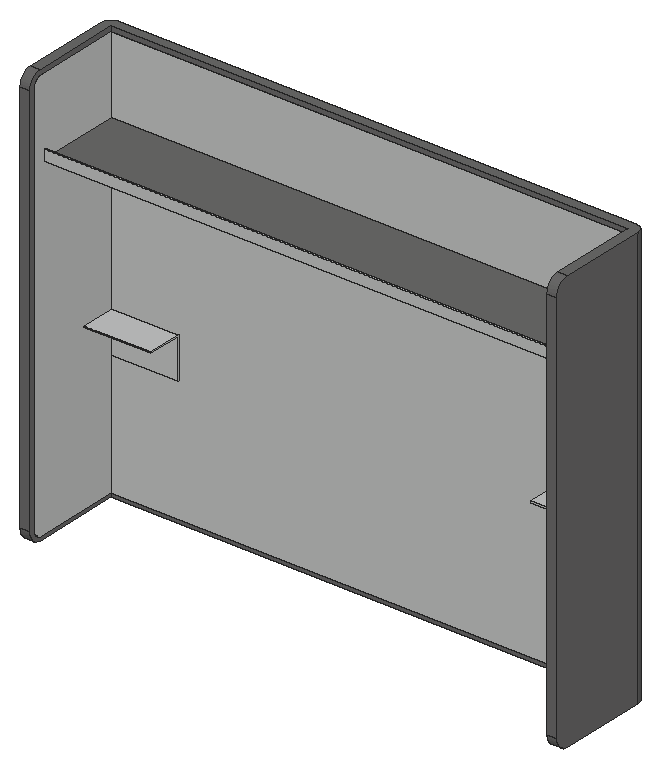
Revit family "Screens-Teknion-JNSELE_Felt_End_Screen-R2018", category Furniture, Revit 2018
Family settings
  OmniClass Number = 23.40.20.00
  OmniClass Title = General Furniture and Specialties
  Work Plane-Based = No
  Always vertical = Yes
  Cut with Voids When Loaded = No
  Shared = Yes
  Room Calculation Point = No
Parameters (values of type "Height-Adjustable Table Mounting Style")
  Width [instance] = 29.000"
  Warranty = "http://www.teknion.com/ca/papers/legal-canada"
  Unit Weight URL = "http://www.teknion.com/ca/tools/assets#&asset=bee6a381-b954-425e-8283-5a2de3a804f2,f828d448-4b62-4231-9e5f-9a8991c0ed77"
  URL = "www.teknion.com"
  To render please download texture images found here [instance] = "https://assets.teknion.com/web/5e81352c1dfdb467/revit-material-swatches/"
  Sustainability Data = "https://www.teknion.com/ca/tools/assets#&topic=216f99a5-57a0-44fc-b10a-9dee9b29ae4c&asset=444deb64-fe58-4b68-981e-f75e97781df7,b4ff2d81-9f2e-437d-9659-7cffb09c31cf"
  Series = "Expansion Cityline"  # constant formula
  Right Extra Bracket [instance] = if(and(Width = 30.000", Angled Leg on the Right), 1 < 2, 1 > 2)  # no
  Product Page URL = "https://www.teknion.com/ca/products/product-details?productlineid=9ad2a26e-8e7a-673b-a6c8-ff05004460c4"
  Product Line = "Expansion Cityline"  # constant formula
  Product Documentation Link = "https://www.teknion.com/pricing/expansion-cityline/pdfs/jnsele_ppg.pdf"
  Part Number = "JNSELE"  # constant formula
  Model = "JNSELEH1842__R"
  Manufacturer Phone = "416-661-3370"  # constant formula
  Manufacturer Fax = "416.661.4586"  # constant formula
  Manufacturer Contact Information = "http://www.teknion.com/ca/contactus"
  Manufacturer Address = "1150 Flint Road, Toronto, ON. M3J 2J5. Canada"  # constant formula
  Manufacturer = "Teknion"  # constant formula
  Left Extra Bracket [instance] = if(and(Width = 30.000", Angled Leg on the Left), 1 < 2, 1 > 2)  # no
  Inside Finish [instance] = Paint - Teknion - Mica - Platinum
  How To Use Teknion Materials User Guide [instance] = "https://assets.teknion.com/m/205dd0a49fa58060/original/How-to-add-a-Material-Library-and-Texture-Images-to-your-Revit-project.pdf"
  Height Adjustable Table = yes
  For Additional Finishes please visit [instance] = "https://assets.teknion.com/m/44a8009b046e5d47/original/Teknion_Materials_Library.zip"
  Felt Finish [instance] = Fabric-Teknion-RB11-Carbon
  Description = "Felt End Screen, Height-Adjustable Table Mounting Style, 18\" Modesty Base Height from Floor, 42\" Datum Height, Radius Corner Detail"
  Center Bracket Visibility [instance] = or(Angled Leg on the Left, Angled Leg on the Right)  # no
  Available Widths [instance] = if(Height Adjustable Table, "Enter 23 or 29 inches below.", "Enter 24 or 30 inches below.")  # "Enter 23 or 29 inches below."
  Assembly Code = "E2020200"
  Angled Leg on the Right = no
  Angled Leg on the Left = no
  Actual Width [instance] = Width + 1.220"  # 30.220"
Types (4): name | Model | Height Adjustable Table | Description | Center Bracket Visibility | Available Widths | Angled Leg on the Right | Angled Leg on the Left
  (no name) | "JNSELEH1842__R" | yes | "Felt End Screen, Height-Adjustable Table Mounting Style, 18\" Modesty Base Height from Floor, 42\" Datum Height, Radius Corner Detail" | no | "Enter 23 or 29 inches below." | no | no
  Height-Adjustable Table Mounting Style | "JNSELEH1842__R" | yes | "Felt End Screen, Height-Adjustable Table Mounting Style, 18\" Modesty Base Height from Floor, 42\" Datum Height, Radius Corner Detail" | no | "Enter 23 or 29 inches below." | no | no
  Angled Leg on Left Side Mounting Style | "JNSELEL1842__R" | no | "Felt End Screen, Angled Leg on Left Side Mounting Style, 18\" Modesty Base Height from Floor, 42\" Datum Height, Radius Corner Detail" | yes | "Enter 24 or 30 inches below." | no | yes
  Angled Leg on Right Side Mounting Style | "JNSELER1842__R" | no | "Felt End Screen, Angled Leg on Right Side Mounting Style, 18\" Modesty Base Height from Floor, 42\" Datum Height, Radius Corner Detail" | yes | "Enter 24 or 30 inches below." | yes | no
Reference planes (in)
  plane 1 "Center Front/Back": y = -0.24752
  plane 2: z = 0
  plane 3 "Center Left/Right": x = -0.02308
  plane 4 "Left": x = -15.13308
  plane 5 "Right": x = 15.08692
  plane 6 "Back": y = 2.87847
  plane 7 "Front": y = -3.3735
  plane 8 "Top": z = 42
  plane 9: y = 2.26823
Forms (in)
  Sweep 1, solid, material "Fabric-Teknion-RB11-Carbon" <- "Felt Finish"
    path origin (0, -0.24752, 0) x (1, 0, 0) y (0, 0, 1)
      loop
        line (-0.02308, 18.25) -> (-0.02308, 42)
    profile origin (-0.02308, -0.24752, 30.125) x (-1, 0, 0) y (0, -1, 0)
      loop
        line (15.11, 3.12598) -> (14.55882, 3.12598) -> (14.55882, -2.5748) -> (-14.55882, -2.5748) -> (-14.55882, 3.12598) -> (-15.11, 3.12598) -> (-15.11, -2.53543)
        arc (-15.11, -2.53543) -> (-14.93703, -2.95302) -> (-14.51945, -3.12598) r 0.59055
        line (-14.51945, -3.12598) -> (14.51945, -3.12598)
        arc (14.51945, -3.12598) -> (14.93703, -2.95302) -> (15.11, -2.53543) r 0.59055
        line (15.11, -2.53543) -> (15.11, 3.12598)
  Sweep 2, void
    path origin (0, 0, 0) x (1, 0, 0) y (0, 1, 0)
      loop
        line (-16.63308, -0.24752) -> (16.58692, -0.24752)
    profile origin (-0.02308, -0.24752, 0) x (0, 1, 0) y (0, 0, 1)
      loop
        line (-3.12598, 19) -> (-3.32598, 19) -> (-3.32598, 18.05) -> (-2.37598, 18.05) -> (-2.37598, 18.25)
        arc (-2.37598, 18.25) -> (-2.90631, 18.46967) -> (-3.12598, 19) r 0.75
      loop
        line (-2.37598, 42) -> (-2.37598, 42.2) -> (-3.32598, 42.2) -> (-3.32598, 41.25) -> (-3.12598, 41.25)
        arc (-3.12598, 41.25) -> (-2.90631, 41.78033) -> (-2.37598, 42) r 0.75
  Sweep 3, solid, material "Paint - Teknion - Mica - Platinum" <- "Inside Finish"
    path origin (0, 0, 0) x (1, 0, 0) y (0, 1, 0)
      loop
        line (-14.52284, -0.24752) -> (14.47668, -0.24752)
    profile origin (-0.02308, -0.24752, 0) x (0, 1, 0) y (0, 0, 1)
      loop
        line (-2.25591, 37.37402) -> (2.51575, 37.37402) -> (2.51575, 37.43307) -> (-2.19685, 37.43307) -> (-2.19685, 37.98425) -> (-2.25591, 37.98425) -> (-2.25591, 37.37402)
  Sweep 4, void
    path origin (0, 0, 0) x (1, 0, 0) y (0, 1, 0)
      loop
        line (-16.38308, -0.24752) -> (16.33692, -0.24752)
    profile origin (-0.02308, -0.24752, 0) x (0, 1, 0) y (0, 0, 1)
      loop
        line (-2.37598, 41.75) -> (-2.37598, 41.95) -> (-3.07598, 41.95) -> (-3.07598, 41.25) -> (-2.87598, 41.25)
        arc (-2.87598, 41.25) -> (-2.72954, 41.60355) -> (-2.37598, 41.75) r 0.5
      loop
        arc (-2.37598, 18.5) -> (-2.72954, 18.64645) -> (-2.87598, 19) r 0.5
        line (-2.87598, 19) -> (-3.07598, 19) -> (-3.07598, 18.3) -> (-2.37598, 18.3) -> (-2.37598, 18.5)
  Sweep 5, solid, material "Fabric-Teknion-RB11-Carbon" <- "Felt Finish"
    path origin (0, -0.24752, 0) x (1, 0, 0) y (0, 0, 1)
      loop
        line (-0.02308, 37.43307) -> (-0.02308, 37.47244)
    profile origin (-0.02308, -0.24752, 37.45276) x (-1, 0, 0) y (0, -1, 0)
      loop
        line (-14.49976, 2.19685) -> (-14.49976, -2.51575) -> (14.49976, -2.51575) -> (14.49976, 2.19685) -> (-14.49976, 2.19685)
  Sweep 6, solid, material "Paint - Teknion - Mica - Platinum" <- "Inside Finish"
    path origin (0, -0.24752, 0) x (1, 0, 0) y (0, 0, 1)
      loop
        line (-0.02308, 18.5) -> (-0.02308, 41.75)
    profile origin (-0.02308, -0.24752, 30.125) x (-1, 0, 0) y (0, -1, 0)
      loop
        line (14.55882, 2.87598) -> (14.49976, 2.87598) -> (14.49976, -2.51575) -> (-14.49976, -2.51575) -> (-14.49976, 2.87598) -> (-14.55882, 2.87598) -> (-14.55882, -2.5748) -> (14.55882, -2.5748) -> (14.55882, 2.87598)
  Sweep 7, solid, material "Paint - Teknion - Mica - Platinum" <- "Inside Finish", visible <- "Angled Leg on the Left"
    path origin (0, 0, 0) x (1, 0, 0) y (0, 1, 0)
      loop
        line (9.34676, 0.93358) -> (10.6066, 0.93358)
    profile origin (9.97668, 0.93358, 0) x (0, 1, 0) y (0, 0, 1)
      loop
        line (1.33465, 22.74016) -> (1.33465, 27.81102) -> (-1.12087, 27.81102) -> (-1.12087, 27.73622) -> (1.25984, 27.73622) -> (1.25984, 22.81496) -> (0, 22.81496) -> (0, 22.74016) -> (1.33465, 22.74016)
  Sweep 8, solid, material "Paint - Teknion - Mica - Platinum" <- "Inside Finish", visible <- "Angled Leg on the Left"
    path origin (-4.5, 0, 0) x (1, 0, 0) y (0, 1, 0)
      loop
        line (9.34676, 0.93358) -> (10.6066, 0.93358)
    profile origin (5.47668, 0.93358, 0) x (0, 1, 0) y (0, 0, 1)
      loop
        line (1.33465, 22.74016) -> (1.33465, 27.81102) -> (-1.12087, 27.81102) -> (-1.12087, 27.73622) -> (1.25984, 27.73622) -> (1.25984, 22.81496) -> (0, 22.81496) -> (0, 22.74016) -> (1.33465, 22.74016)
  Sweep 9, solid, material "Paint - Teknion - Mica - Platinum" <- "Inside Finish", visible <- "Angled Leg on the Left"
    path origin (-10.5, 0, 0) x (1, 0, 0) y (0, 1, 0)
      loop
        line (9.34676, 0.93358) -> (10.6066, 0.93358)
    profile origin (-0.52332, 0.93358, 0) x (0, 1, 0) y (0, 0, 1)
      loop
        line (1.33465, 22.74016) -> (1.33465, 27.81102) -> (-1.12087, 27.81102) -> (-1.12087, 27.73622) -> (1.25984, 27.73622) -> (1.25984, 22.81496) -> (0, 22.81496) -> (0, 22.74016) -> (1.33465, 22.74016)
  Sweep 10, solid, material "Paint - Teknion - Mica - Platinum" <- "Inside Finish", visible <- "Angled Leg on the Left"
    path origin (0, 0, 0) x (1, 0, 0) y (0, 1, 0)
      loop
        line (-13.42048, 1.21508) -> (-14.52284, 1.21508)
    profile origin (-13.97166, 1.21508, 0) x (0, -1, 0) y (0, 0, 1)
      loop
        line (-1.05315, 25.51969) -> (-0.97835, 25.51969) -> (-0.97835, 27.73622) -> (1.05315, 27.73622) -> (1.05315, 27.81102) -> (-1.05315, 27.81102) -> (-1.05315, 25.51969)
  Sweep 11, solid, material "Paint - Teknion - Mica - Platinum" <- "Inside Finish", visible <- "Left Extra Bracket"
    path origin (-14.5, 0, 0) x (1, 0, 0) y (0, 1, 0)
      loop
        line (9.34676, 0.93358) -> (10.6066, 0.93358)
    profile origin (-4.52332, 0.93358, 0) x (0, 1, 0) y (0, 0, 1)
      loop
        line (1.33465, 22.74016) -> (1.33465, 27.81102) -> (-1.12087, 27.81102) -> (-1.12087, 27.73622) -> (1.25984, 27.73622) -> (1.25984, 22.81496) -> (0, 22.81496) -> (0, 22.74016) -> (1.33465, 22.74016)
  Sweep 12, solid, material "Paint - Teknion - Mica - Platinum" <- "Inside Finish", visible <- "Angled Leg on the Right"
    path origin (28.89717, 0, 0) x (1, 0, 0) y (0, 1, 0)
      loop
        line (-14.42048, 1.21508) -> (-15.52284, 1.21508)
    profile origin (13.9255, 1.21508, 0) x (0, -1, 0) y (0, 0, 1)
      loop
        line (-1.05315, 25.51969) -> (-0.97835, 25.51969) -> (-0.97835, 27.73622) -> (1.05315, 27.73622) -> (1.05315, 27.81102) -> (-1.05315, 27.81102) -> (-1.05315, 25.51969)
  Sweep 13, solid, material "Paint - Teknion - Mica - Platinum" <- "Inside Finish", visible <- "Right Extra Bracket"
    path origin (-6.5, 0, 0) x (1, 0, 0) y (0, 1, 0)
      loop
        line (10.34676, 0.93358) -> (11.6066, 0.93358)
    profile origin (4.47668, 0.93358, 0) x (0, 1, 0) y (0, 0, 1)
      loop
        line (1.33465, 22.74016) -> (1.33465, 27.81102) -> (-1.12087, 27.81102) -> (-1.12087, 27.73622) -> (1.25984, 27.73622) -> (1.25984, 22.81496) -> (0, 22.81496) -> (0, 22.74016) -> (1.33465, 22.74016)
  Sweep 14, solid, material "Paint - Teknion - Mica - Platinum" <- "Inside Finish", visible <- "Angled Leg on the Right"
    path origin (-10.5, 0, 0) x (1, 0, 0) y (0, 1, 0)
      loop
        line (10.34676, 0.93358) -> (11.6066, 0.93358)
    profile origin (0.47668, 0.93358, 0) x (0, 1, 0) y (0, 0, 1)
      loop
        line (1.33465, 22.74016) -> (1.33465, 27.81102) -> (-1.12087, 27.81102) -> (-1.12087, 27.73622) -> (1.25984, 27.73622) -> (1.25984, 22.81496) -> (0, 22.81496) -> (0, 22.74016) -> (1.33465, 22.74016)
  Sweep 15, solid, material "Paint - Teknion - Mica - Platinum" <- "Inside Finish", visible <- "Angled Leg on the Right"
    path origin (-16.5, 0, 0) x (1, 0, 0) y (0, 1, 0)
      loop
        line (10.34676, 0.93358) -> (11.6066, 0.93358)
    profile origin (-5.52332, 0.93358, 0) x (0, 1, 0) y (0, 0, 1)
      loop
        line (1.33465, 22.74016) -> (1.33465, 27.81102) -> (-1.12087, 27.81102) -> (-1.12087, 27.73622) -> (1.25984, 27.73622) -> (1.25984, 22.81496) -> (0, 22.81496) -> (0, 22.74016) -> (1.33465, 22.74016)
  Sweep 16, solid, material "Paint - Teknion - Mica - Platinum" <- "Inside Finish", visible <- "Angled Leg on the Right"
    path origin (-21, 0, 0) x (1, 0, 0) y (0, 1, 0)
      loop
        line (10.34676, 0.93358) -> (11.6066, 0.93358)
    profile origin (-10.02332, 0.93358, 0) x (0, 1, 0) y (0, 0, 1)
      loop
        line (1.33465, 22.74016) -> (1.33465, 27.81102) -> (-1.12087, 27.81102) -> (-1.12087, 27.73622) -> (1.25984, 27.73622) -> (1.25984, 22.81496) -> (0, 22.81496) -> (0, 22.74016) -> (1.33465, 22.74016)
  Sweep 17, solid, material "Paint - Teknion - Mica - Platinum" <- "Inside Finish", visible <- "Height Adjustable Table"
    path origin (0, 0, 0) x (1, 0, 0) y (0, 1, 0)
      loop
        line (-10.72505, 1.28398) -> (-14.52284, 1.28398)
    profile origin (-12.62395, 1.28398, 0) x (0, -1, 0) y (0, 0, 1)
      loop
        line (0.98425, 27.75197) -> (0.98425, 27.81102) -> (-0.98425, 27.81102) -> (-0.98425, 25.51969) -> (-0.9252, 25.51969) -> (-0.9252, 27.75197) -> (0.98425, 27.75197)
  Sweep 18, solid, material "Paint - Teknion - Mica - Platinum" <- "Inside Finish", visible <- "Height Adjustable Table"
    path origin (25.20173, 0, 0) x (1, 0, 0) y (0, 1, 0)
      loop
        line (-10.72505, 1.28398) -> (-14.52284, 1.28398)
    profile origin (12.57779, 1.28398, 0) x (0, -1, 0) y (0, 0, 1)
      loop
        line (0.98425, 27.75197) -> (0.98425, 27.81102) -> (-0.98425, 27.81102) -> (-0.98425, 25.51969) -> (-0.9252, 25.51969) -> (-0.9252, 27.75197) -> (0.98425, 27.75197)
Cuts and joins
  Sweep 2 cuts Sweep 1
  Sweep 4 cuts Sweep 6
Lines and regions (in)
  Masking region 1
    outline origin (0, 0, 0) x (1, 0, 0) y (0, 1, 0)
      loop
        line (-15.13308, 2.28791) -> (-15.13308, -3.3735) -> (-14.5819, -3.3735) -> (-14.5819, 2.32728) -> (14.53574, 2.32728) -> (14.53574, -3.3735) -> (15.08692, -3.3735) -> (15.08692, 2.28791)
        arc (15.08692, 2.28791) -> (14.91395, 2.7055) -> (14.49637, 2.87847) r 0.59055
        line (14.49637, 2.87847) -> (-14.54253, 2.87847)
        arc (-14.54253, 2.87847) -> (-14.96011, 2.7055) -> (-15.13308, 2.28791) r 0.59055
  Masking region 2
    outline origin (0, 0, 0) x (1, 0, 0) y (0, 1, 0)
      loop
        line (-14.5819, -3.1235) -> (-14.52284, -3.1235) -> (-14.52284, 2.26823) -> (14.47668, 2.26823) -> (14.47668, -3.1235) -> (14.53574, -3.1235) -> (14.53574, 2.32728) -> (-14.5819, 2.32728) -> (-14.5819, -3.1235)
  Masking region 3
    outline origin (0, 0, 0) x (1, 0, 0) y (0, 1, 0)
      loop
        line (-14.52284, -2.50342) -> (14.47668, -2.50342) -> (14.47668, 2.26823) -> (-14.52284, 2.26823) -> (-14.52284, -2.50342)
  symbolic lines
    curve 1: line (14.47668, -2.44437, 0) -> (-14.52284, -2.44437, 0)
  symbolic lines, style "FurnitureHiddenLines", visible <- "Angled Leg on the Left", detail levels medium+fine
    curve 2: line (-13.42048, 2.19343, 0) -> (-13.42048, 0.16193, 0)
    curve 3: line (-14.52284, 0.16193, 0) -> (-13.42048, 0.16193, 0)
    curve 4: line (10.6066, -0.18728, 0) -> (10.6066, 2.19343, 0)
    curve 5: line (9.34676, -0.18728, 0) -> (10.6066, -0.18728, 0)
    curve 6: line (9.34676, -0.18728, 0) -> (9.34676, 2.19343, 0)
    curve 7: line (4.84676, -0.18728, 0) -> (4.84676, 2.19343, 0)
    curve 8: line (4.84676, -0.18728, 0) -> (6.1066, -0.18728, 0)
    curve 9: line (6.1066, -0.18728, 0) -> (6.1066, 2.19343, 0)
    curve 26: line (9.34676, 2.19343, 0) -> (10.6066, 2.19343, 0)
    curve 33: line (4.84676, -0.18728, 0) -> (4.84676, 2.19343, 0)
    curve 34: line (6.1066, -0.18728, 0) -> (6.1066, 2.19343, 0)
    curve 35: line (4.84676, -0.18728, 0) -> (6.1066, -0.18728, 0)
    curve 37: line (4.84676, 2.19343, 0) -> (6.1066, 2.19343, 0)
    curve 38: line (-0.15324, -0.18728, 0) -> (-0.15324, 2.19343, 0)
    curve 39: line (1.1066, -0.18728, 0) -> (1.1066, 2.19343, 0)
    curve 40: line (-0.15324, -0.18728, 0) -> (1.1066, -0.18728, 0)
    curve 42: line (-0.15324, 2.19343, 0) -> (1.1066, 2.19343, 0)
    curve 52: line (0.1066, -0.18728, 0) -> (-1.15324, -0.18728, 0)
    curve 53: line (0.1066, 2.26823, 0) -> (0.1066, -0.18728, 0)
    curve 54: line (-1.15324, 2.26823, 0) -> (0.1066, 2.26823, 0)
    curve 55: line (-1.15324, -0.18728, 0) -> (-1.15324, 2.26823, 0)
    curve 56: line (-1.15324, 0.93358, 0) -> (0.1066, 0.93358, 0)
    curve 57: line (-1.15324, 2.19343, 0) -> (0.1066, 2.19343, 0)
  symbolic lines, style "FurnitureHiddenLines", visible <- "Angled Leg on the Right", detail levels medium+fine
    curve 10: line (13.37432, 2.19343, 0) -> (13.37432, 0.16193, 0)
    curve 11: line (13.37432, 0.16193, 0) -> (14.47668, 0.16193, 0)
    curve 15: line (-9.3934, -0.18728, 0) -> (-9.3934, 2.19343, 0)
    curve 16: line (-10.65324, -0.18728, 0) -> (-9.3934, -0.18728, 0)
    curve 17: line (-10.65324, -0.18728, 0) -> (-10.65324, 2.19343, 0)
    curve 43: line (-0.15324, -0.18728, 0) -> (-0.15324, 2.19343, 0)
    curve 44: line (1.1066, -0.18728, 0) -> (1.1066, 2.19343, 0)
    curve 45: line (-0.15324, -0.18728, 0) -> (1.1066, -0.18728, 0)
    curve 46: line (-0.15324, 0.93358, 0) -> (1.1066, 0.93358, 0)
    curve 47: line (-1.15324, -0.18728, 0) -> (-1.15324, 2.19343, 0)
    curve 48: line (0.1066, -0.18728, 0) -> (0.1066, 2.19343, 0)
    curve 49: line (-1.15324, -0.18728, 0) -> (0.1066, -0.18728, 0)
    curve 50: line (-1.15324, 0.93358, 0) -> (0.1066, 0.93358, 0)
    curve 51: line (-1.15324, 2.19343, 0) -> (0.1066, 2.19343, 0)
    curve 58: line (-6.15324, -0.18728, 0) -> (-6.15324, 2.19343, 0)
    curve 59: line (-4.8934, -0.18728, 0) -> (-4.8934, 2.19343, 0)
    curve 60: line (-6.15324, -0.18728, 0) -> (-4.8934, -0.18728, 0)
    curve 61: line (-6.15324, 2.19343, 0) -> (-4.8934, 2.19343, 0)
    curve 62: line (-6.15324, 0.93358, 0) -> (-4.8934, 0.93358, 0)
  symbolic lines, style "FurnitureHiddenLines", visible <- "Right Extra Bracket", detail levels medium+fine
    curve 12: line (5.1066, -0.18728, 0) -> (5.1066, 2.19343, 0)
    curve 13: line (3.84676, -0.18728, 0) -> (5.1066, -0.18728, 0)
    curve 14: line (3.84676, -0.18728, 0) -> (3.84676, 2.19343, 0)
  symbolic lines, style "FurnitureHiddenLines", visible <- "Angled Leg on the Right", detail levels fine
    curve 18: line (-10.65324, 2.19343, 0) -> (-9.3934, 2.19343, 0)
    curve 19: line (-10.65324, 0.93358, 0) -> (-9.3934, 0.93358, 0)
    curve 22: line (13.37432, 2.19343, 0) -> (14.47668, 2.19343, 0)
  symbolic lines, style "FurnitureHiddenLines", visible <- "Right Extra Bracket", detail levels fine
    curve 20: line (3.84676, 0.93358, 0) -> (5.1066, 0.93358, 0)
    curve 21: line (3.84676, 2.19343, 0) -> (5.1066, 2.19343, 0)
  symbolic lines, style "FurnitureHiddenLines", visible <- "Angled Leg on the Left", detail levels fine
    curve 23: line (-14.52284, 2.19343, 0) -> (-13.42048, 2.19343, 0)
    curve 24: line (4.84676, 2.19343, 0) -> (6.1066, 2.19343, 0)
    curve 25: line (4.84676, 0.93358, 0) -> (6.1066, 0.93358, 0)
    curve 27: line (9.34676, 0.93358, 0) -> (10.6066, 0.93358, 0)
    curve 36: line (4.84676, 0.93358, 0) -> (6.1066, 0.93358, 0)
    curve 41: line (-0.15324, 0.93358, 0) -> (1.1066, 0.93358, 0)
  symbolic lines, style "FurnitureHiddenLines", visible <- "Left Extra Bracket", detail levels medium+fine
    curve 28: line (-3.8934, -0.18728, 0) -> (-3.8934, 2.19343, 0)
    curve 29: line (-5.15324, -0.18728, 0) -> (-5.15324, 2.19343, 0)
    curve 30: line (-5.15324, -0.18728, 0) -> (-3.8934, -0.18728, 0)
    curve 31: line (-5.15324, 0.93358, 0) -> (-3.8934, 0.93358, 0)
    curve 32: line (-5.15324, 2.19343, 0) -> (-3.8934, 2.19343, 0)
  symbolic lines, style "FurnitureHiddenLines", visible <- "Height Adjustable Table", detail levels medium+fine
    curve 63: line (-10.72505, 2.20917, 0) -> (-10.72505, 0.29973, 0)
    curve 64: line (-14.52284, 0.29973, 0) -> (-10.72505, 0.29973, 0)
    curve 65: line (-14.52284, 2.20917, 0) -> (-10.72505, 2.20917, 0)
    curve 66: line (10.67889, 2.20917, 0) -> (10.67889, 0.29973, 0)
    curve 67: line (10.67889, 0.29973, 0) -> (14.47668, 0.29973, 0)
    curve 68: line (10.67889, 2.20917, 0) -> (14.47668, 2.20917, 0)
  reference lines
    curve 69: line (-15.13308, 2.87847, 0) -> (-15.13308, -3.3735, 0)
    curve 70: line (15.08692, 2.87847, 0) -> (15.08692, -3.3735, 0)
Dimensions and locks (in)
  "Actual Width": plane 4 "Left" to plane 5 "Right"
  plane 6 "Back" to plane 7 "Front" = 6.25197"
  locked: plane 8 "Top" to level at 42
  plane 6 "Back" to plane 1 "Center Front/Back" to plane 7 "Front" = 3.12598", 3.12598"
  equal spacing: plane 4 "Left", plane 3 "Center Left/Right", plane 5 "Right"
  locked: plane 8 "Top" to Sweep 1 sketch curve at 23.75
  locked: plane 6 "Back" to Sweep 1 sketch curve at 0.59055  (x2)
  locked: plane 4 "Left" to Sweep 1 sketch curve at 0.59055
  locked: Sweep 1 sketch curve to plane 5 "Right" at 0.59055
  locked: Sweep 1 sketch curve to plane 5 "Right" at 0.55118
  locked: plane 4 "Left" to Sweep 1 sketch curve at 0.55118
  locked: plane 6 "Back" to Sweep 1 sketch curve at 0.55118
  locked: Sweep 2 sketch curve to plane 4 "Left" at 1.5
  locked: plane 5 "Right" to Sweep 2 sketch curve at 1.5
  locked: Sweep 3 sketch curve to plane 5 "Right" at 0.61024
  locked: plane 4 "Left" to Sweep 3 sketch curve at 0.61024
  locked: plane 5 "Right" to Sweep 4 sketch curve at 1.25
  locked: Sweep 4 sketch curve to plane 4 "Left" at 1.25
  plane 8 "Top" to Sweep 4 sketch curve to Sweep 4 sketch curve to Sweep 4 sketch curve = 0.050" locked, 0.700" locked, 0.000" locked
  Sweep 4 sketch curve to Sweep 4 sketch curve to Sweep 4 sketch curve to plane 7 "Front" = 0.000" locked, 0.700" locked, 0.050" locked
  Sweep 4 sketch curve to Sweep 4 sketch curve to Sweep 4 sketch curve to level = 0.000" locked, 0.700" locked, 18.300" locked
  plane 8 "Top" to Sweep 5 sketch curve to Sweep 5 sketch curve = 4.52756" locked, 0.03937" locked
  locked: plane 4 "Left" to Sweep 5 sketch curve at 0.61024
  locked: plane 7 "Front" to Sweep 5 sketch curve at 0.92913
  locked: Sweep 5 sketch curve to plane 5 "Right" at 0.61024
  locked: plane 6 "Back" to Sweep 5 sketch curve at 0.61024
  plane 4 "Left" to Sweep 6 sketch curve to Sweep 6 sketch curve = 0.55118" locked, 0.05906" locked
  plane 6 "Back" to Sweep 6 sketch curve to Sweep 6 sketch curve = 0.55118" locked, 0.05906" locked
  Sweep 6 sketch curve to Sweep 6 sketch curve to plane 5 "Right" = 0.05906" locked, 0.55118" locked
  plane 7 "Front" to Sweep 6 sketch curve to Sweep 6 sketch curve = 0.250" locked, 0.000" locked
  Sweep 7 sketch curve to Sweep 7 sketch curve to plane 5 "Right" = 1.25984" locked, 4.48031" locked
  locked: plane 6 "Back" to Sweep 7 sketch curve at 1.94488
  Sweep 8 sketch curve to Sweep 8 sketch curve to plane 5 "Right" = 1.25984" locked, 8.98031" locked
  locked: Sweep 8 sketch curve to plane 6 "Back" at 1.94488
  Sweep 9 sketch curve to Sweep 9 sketch curve to plane 5 "Right" = 1.25984" locked, 14.98031" locked
  locked: plane 1 "Center Front/Back" to Sweep 9 sketch curve at 1.1811
  plane 4 "Left" to Sweep 10 sketch curve to Sweep 10 sketch curve = 0.61024" locked, 1.10236" locked
  locked: plane 6 "Back" to Sweep 10 sketch curve at 1.66339
  plane 6 "Back" to Sweep 10 sketch curve to Sweep 10 sketch curve to Sweep 10 sketch curve = 0.61024" locked, 0.0748" locked, 2.0315" locked
  plane 8 "Top" to Sweep 10 sketch curve to Sweep 10 sketch curve to Sweep 10 sketch curve = 14.18898" locked, 0.0748" locked, 2.21654" locked
  Sweep 11 sketch curve to Sweep 11 sketch curve to plane 5 "Right" = 1.25984" locked, 18.98031" locked
  locked: plane 1 "Center Front/Back" to Sweep 11 sketch curve at 1.1811
  plane 7 "Front" to Masking region 2 sketch curve to Masking region 2 sketch curve = 0.250" locked, 0.000" locked
  Sweep 12 sketch curve to Sweep 12 sketch curve to plane 5 "Right" = 1.10236" locked, 0.61024" locked
  plane 6 "Back" to Sweep 12 sketch curve to Sweep 12 sketch curve to Sweep 12 sketch curve = 0.61024" locked, 0.0748" locked, 2.0315" locked
  Sweep 12 sketch curve to Sweep 12 sketch curve to Sweep 12 sketch curve to level = 0.0748" locked, 2.21654" locked, 25.51969" locked
  locked: plane 6 "Back" to Sweep 12 sketch curve at 1.66339
  plane 4 "Left" to Sweep 13 sketch curve to Sweep 13 sketch curve = 18.97984" locked, 1.25984" locked
  plane 4 "Left" to Sweep 14 sketch curve to Sweep 14 sketch curve = 14.97984" locked, 1.25984" locked
  plane 4 "Left" to Sweep 15 sketch curve to Sweep 15 sketch curve = 8.97984" locked, 1.25984" locked
  plane 4 "Left" to Sweep 16 sketch curve to Sweep 16 sketch curve = 4.47984" locked, 1.25984" locked
  locked: Sweep 13 sketch curve to plane 6 "Back" at 1.94488
  locked: plane 6 "Back" to Sweep 14 sketch curve at 1.94488
  locked: plane 6 "Back" to Sweep 15 sketch curve at 1.94488
  locked: Sweep 16 sketch curve to plane 6 "Back" at 1.94488
  locked: plane 1 "Center Front/Back" to Sweep 14 at 0.06024
  locked: curve 55 to Sweep 9 at 1.25984
  locked: curve 57 to plane 6 "Back" at 0.68504
  locked: Sweep 9 to curve 53 at 1.25984
  locked: curve 58 to Sweep 15 at 1.25984
  locked: Sweep 15 to curve 59 at 1.25984
  plane 4 "Left" to Sweep 17 sketch curve to Sweep 17 sketch curve = 0.61024" locked, 3.7978" locked
  locked: plane 1 "Center Front/Back" to Sweep 17 sketch curve at 1.5315
  Sweep 18 sketch curve to Sweep 18 sketch curve to plane 5 "Right" = 3.7978" locked, 0.61024" locked
  locked: plane 1 "Center Front/Back" to Sweep 18 sketch curve at 1.5315
  locked: plane 6 "Back" to plane 9 at 0.61024
  aligned and locked: level to plane 2
  aligned and locked: plane 8 "Top" to Sweep 1 sketch curve
  aligned and locked: plane 3 "Center Left/Right" to Sweep 1 sketch curve
  aligned and locked: Sweep 1 sketch curve to plane 7 "Front"
  aligned and locked: Sweep 1 sketch curve to plane 6 "Back"
  aligned and locked: plane 5 "Right" to Sweep 1 sketch curve
  aligned and locked: plane 7 "Front" to Sweep 1 sketch curve
  aligned and locked: Sweep 2 sketch curve to plane 1 "Center Front/Back"
  aligned and locked: plane 1 "Center Front/Back" to Sweep 3 sketch curve
  aligned and locked: Sweep 4 sketch curve to plane 1 "Center Front/Back"
  aligned and locked: plane 3 "Center Left/Right" to Sweep 5 sketch curve
  aligned and locked: Masking region 1 sketch curve to cut or joined group of Sweep 1, Sweep 2  (x5)
  aligned and locked: plane 7 "Front" to Masking region 1 sketch curve
  aligned and locked: Masking region 1 sketch curve to plane 7 "Front"
  aligned and locked: Masking region 1 to Masking region 2 sketch curve  (x2)
  aligned and locked: Masking region 2 sketch curve to cut or joined group of Sweep 4, Sweep 6  (x2)
  aligned and locked: Sweep 5 to Masking region 2 sketch curve
  aligned and locked: Masking region 2 sketch curve to Sweep 5
  aligned and locked: Masking region 3 sketch curve to Sweep 3
  aligned and locked: Masking region 3 sketch curve to Sweep 5  (x2)
  aligned and locked: Masking region 3 sketch curve to Masking region 2
  aligned and locked: curve 1 to Sweep 3
  aligned and locked: Sweep 10 to curve 2
  aligned and locked: curve 3 to Sweep 10
  aligned and locked: curve 4 to Sweep 7
  aligned and locked: curve 5 to Sweep 7
  aligned and locked: curve 6 to Sweep 7
  aligned and locked: curve 8 to Sweep 8
  aligned and locked: Sweep 12 to curve 10
  aligned and locked: curve 11 to Sweep 12
  aligned and locked: curve 12 to Sweep 13
  aligned and locked: curve 13 to Sweep 13
  aligned and locked: curve 14 to Sweep 13
  aligned and locked: curve 15 to Sweep 16
  aligned and locked: curve 16 to Sweep 16
  aligned and locked: curve 17 to Sweep 16
  aligned and locked: curve 18 to Sweep 16
  aligned and locked: curve 19 to Sweep 16
  aligned and locked: curve 20 to Sweep 13
  aligned and locked: curve 21 to Sweep 13
  aligned and locked: curve 22 to Sweep 12
  aligned and locked: curve 23 to Sweep 10
  aligned and locked: curve 25 to Sweep 8
  aligned and locked: curve 26 to Sweep 7
  aligned and locked: curve 27 to Sweep 7
  aligned and locked: curve 28 to Sweep 11
  aligned and locked: curve 29 to Sweep 11
  aligned and locked: curve 30 to Sweep 11
  aligned and locked: curve 31 to Sweep 11
  aligned and locked: curve 32 to Sweep 11
  aligned and locked: curve 33 to Sweep 8
  aligned and locked: curve 34 to Sweep 8
  aligned and locked: curve 36 to Sweep 8
  aligned and locked: Sweep 9 to curve 40
  aligned and locked: Sweep 9 to curve 41
  aligned and locked: Sweep 9 to curve 42
  aligned and locked: curve 44 to Sweep 14
  aligned and locked: curve 43 to Sweep 14
  aligned and locked: curve 46 to Sweep 14
  aligned and locked: Sweep 15 to curve 49
  aligned and locked: Sweep 15 to curve 50
  aligned and locked: curve 52 to Sweep 9
  aligned and locked: curve 54 to Sweep 9
  aligned and locked: curve 56 to Sweep 9
  aligned and locked: curve 60 to Sweep 15
  aligned and locked: curve 61 to Sweep 15
  aligned and locked: curve 62 to Sweep 15
  aligned and locked: Sweep 17 to curve 63
  aligned and locked: curve 64 to Sweep 17
  aligned and locked: curve 65 to Sweep 17
  aligned and locked: Sweep 18 to curve 66
  aligned and locked: curve 67 to Sweep 18
  aligned and locked: curve 68 to Sweep 18
  aligned and locked: curve 69 to plane 4 "Left"
  aligned and locked: curve 70 to plane 5 "Right"
Automatic sketch dimensions
  curve 37 to plane 6 "Back" = 0.68504"
  plane 4 "Left" to curve 23 = 0.61024"
  plane 4 "Left" to curve 3 = 0.61024"
  plane 4 "Left" to curve 1 = 0.61024"
  plane 5 "Right" to curve 22 = 0.61024"
  plane 5 "Right" to curve 11 = 0.61024"
  plane 5 "Right" to curve 1 = 0.61024"
  profile plane to Sweep 2 sketch curve = 3.32598"  (x2)
  Sweep 2 sketch curve to Sweep 2 sketch curve = 0.200"  (x3)
  Sweep 2 sketch curve to Sweep 2 sketch curve = 0.950"  (x3)
  level to Sweep 2 sketch curve = 18.050"
  Sweep 2 sketch curve to Sweep 2 sketch curve = 22.250"
  profile plane to Sweep 3 sketch curve = 2.25591"
  Sweep 3 sketch curve to Sweep 3 sketch curve = 0.05906"  (x2)
  Sweep 3 sketch curve to profile plane = 2.51575"
  level to Sweep 3 sketch curve = 37.37402"
  Sweep 3 sketch curve to Sweep 3 sketch curve = 0.55118"
  profile plane to Sweep 4 sketch curve = 3.07598"
  Sweep 4 sketch curve to Sweep 4 sketch curve = 0.200"  (x2)
  Sweep 4 sketch curve to Sweep 4 sketch curve = 0.500"
  Sweep 6 sketch curve to plane 3 "Center Left/Right" = 0.000"
  level to Sweep 6 sketch curve = 18.500"
  Sweep 6 sketch curve to plane 8 "Top" = 0.250"
  Sweep 7 sketch curve to profile plane = 0.000"
  profile plane to Sweep 7 sketch curve = 1.12087"
  Sweep 7 sketch curve to profile plane = 1.25984"
  Sweep 7 sketch curve to Sweep 7 sketch curve = 0.0748"  (x3)
  level to Sweep 7 sketch curve = 22.74016"
  Sweep 7 sketch curve to Sweep 7 sketch curve = 4.92126"
  Sweep 8 sketch curve to profile plane = 0.000"
  profile plane to Sweep 8 sketch curve = 1.12087"
  Sweep 8 sketch curve to profile plane = 1.25984"
  Sweep 8 sketch curve to Sweep 8 sketch curve = 0.0748"  (x3)
  level to Sweep 8 sketch curve = 22.74016"
  Sweep 8 sketch curve to Sweep 8 sketch curve = 4.92126"
  Sweep 9 sketch curve to profile plane = 0.000"
  profile plane to Sweep 9 sketch curve = 1.12087"
  Sweep 9 sketch curve to profile plane = 1.25984"
  Sweep 9 sketch curve to Sweep 9 sketch curve = 0.0748"  (x3)
  level to Sweep 9 sketch curve = 22.74016"
  Sweep 9 sketch curve to Sweep 9 sketch curve = 4.92126"
  Sweep 11 sketch curve to profile plane = 0.000"
  profile plane to Sweep 11 sketch curve = 1.12087"
  Sweep 11 sketch curve to profile plane = 1.25984"
  Sweep 11 sketch curve to Sweep 11 sketch curve = 0.0748"  (x3)
  level to Sweep 11 sketch curve = 22.74016"
  Sweep 11 sketch curve to Sweep 11 sketch curve = 4.92126"
  Sweep 13 sketch curve to profile plane = 0.000"
  profile plane to Sweep 13 sketch curve = 1.12087"
  Sweep 13 sketch curve to profile plane = 1.25984"
  Sweep 13 sketch curve to Sweep 13 sketch curve = 0.0748"  (x3)
  level to Sweep 13 sketch curve = 22.74016"
  Sweep 13 sketch curve to Sweep 13 sketch curve = 4.92126"
  Sweep 14 sketch curve to profile plane = 0.000"
  profile plane to Sweep 14 sketch curve = 1.12087"
  Sweep 14 sketch curve to profile plane = 1.25984"
  Sweep 14 sketch curve to Sweep 14 sketch curve = 0.0748"  (x3)
  level to Sweep 14 sketch curve = 22.74016"
  Sweep 14 sketch curve to Sweep 14 sketch curve = 4.92126"
  Sweep 15 sketch curve to profile plane = 0.000"
  profile plane to Sweep 15 sketch curve = 1.12087"
  Sweep 15 sketch curve to profile plane = 1.25984"
  Sweep 15 sketch curve to Sweep 15 sketch curve = 0.0748"  (x3)
  level to Sweep 15 sketch curve = 22.74016"
  Sweep 15 sketch curve to Sweep 15 sketch curve = 4.92126"
  Sweep 16 sketch curve to profile plane = 0.000"
  profile plane to Sweep 16 sketch curve = 1.12087"
  Sweep 16 sketch curve to profile plane = 1.25984"
  Sweep 16 sketch curve to Sweep 16 sketch curve = 0.0748"  (x3)
  level to Sweep 16 sketch curve = 22.74016"
  Sweep 16 sketch curve to Sweep 16 sketch curve = 4.92126"
  profile plane to Sweep 17 sketch curve = 0.98425"
  Sweep 17 sketch curve to Sweep 17 sketch curve = 0.05906"  (x2)
  Sweep 17 sketch curve to profile plane = 0.98425"
  level to Sweep 17 sketch curve = 25.51969"
  Sweep 17 sketch curve to Sweep 17 sketch curve = 2.23228"
  profile plane to Sweep 18 sketch curve = 0.98425"
  Sweep 18 sketch curve to Sweep 18 sketch curve = 0.05906"  (x2)
  Sweep 18 sketch curve to profile plane = 0.98425"
  level to Sweep 18 sketch curve = 25.51969"
  Sweep 18 sketch curve to Sweep 18 sketch curve = 2.23228"
  curve 64 to curve 3 = 0.000"
  curve 65 to curve 23 = 0.000"
  curve 67 to curve 11 = 0.000"
  curve 68 to curve 22 = 0.000"
  curve 69 to plane 7 "Front" = 0.000"
  curve 69 to plane 6 "Back" = 0.000"
  plane 7 "Front" to curve 70 = 0.000"
  plane 6 "Back" to curve 70 = 0.000"
